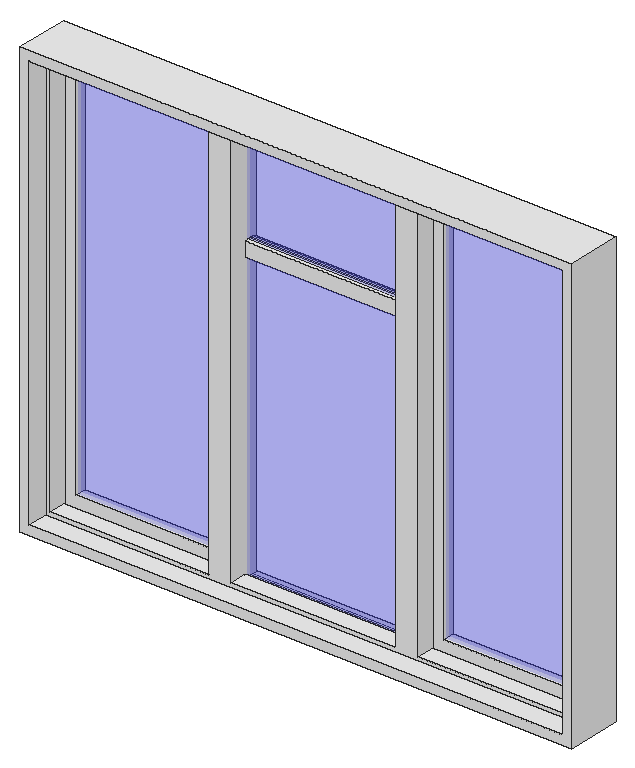
Revit family "a752a9703e48466093d6469102a7f102", category Windows, host Wall, Revit 2021
Family settings
  Host = Wall
  OmniClass Number = 23.30.20.00
  OmniClass Title = Windows
  Always vertical = Yes
  Cut with Voids When Loaded = No
  Shared = No
  Room Calculation Point = No
Parameters (values of type "61" x 48"")
  Window Width = Width / 3  # 1' - 8.33333"
  Window Inset [instance] = 0' - 0 5/8"
  Wall Thickness [instance] = 0' - 6"
  Visual Light Transmittance = 0.81
  Transom Height Ratio = 0.3
  Thermal Resistance (R) = 1.8146 (h·ft²·°F)/BTU
  Solar Heat Gain Coefficient = 0.76
  Rough Width = Width + 0' 0 1/2"  # 5' - 1 1/2"
  Rough Height = Height + 0' 0 1/2"  # 4' - 0 1/2"
  Heat Transfer Coefficient (U) = 0.5511 BTU/(h·ft²·°F)
  Frame Material = Metal - Aluminum
  Height = 4' - 0"
  Glass Panel Material = Glass
  Transom Height = Transom Height Ratio * Height  # 1' - 2.4"
  Frame Gap 3 [instance] = Frame Gap 1 + 0' 0 1/4"  # 0' - 1 83/128"
  Frame Gap 2 [instance] = if(Window Inset > 0' 0 5/8", Window Inset, 0' 0 5/8")  # 0' - 0 5/8"
  Frame Gap 1 = 0' - 1 51/128"
  Fire Rating = "0.5h"
  Default Sill Height = 3' - 0"
  Wall Closure = By host
  Width = 5' - 1"
  Assembly Code = "B2020100"
  Analytic Construction = "Double glazing - domestic"
Types (4): name | Window Width | Rough Width | Rough Height | Height | Transom Height | Width
  (no name) | 1' - 8.33333" | 5' - 1 1/2" | 4' - 0 1/2" | 4' - 0" | 1' - 2.4" | 5' - 1"
  72" x 53" | 2' - 0" | 6' - 0 1/2" | 4' - 5 1/2" | 4' - 5" | 1' - 3.9" | 6' - 0"
  61" x 48" | 1' - 8.33333" | 5' - 1 1/2" | 4' - 0 1/2" | 4' - 0" | 1' - 2.4" | 5' - 1"
  85" x 60" | 2' - 4.33333" | 7' - 1 1/2" | 5' - 0 1/2" | 5' - 0" | 1' - 6" | 7' - 1"
Reference planes (in)
  plane 1 "Center (Front/Back)": y = 0
  plane 2: z = 0
  plane 3 "Center (Left/Right)": x = 0
  plane 4 "Left": x = -30.5
  plane 5 "Right": x = 30.5
  plane 6 "Sill": z = 36
  plane 7 "Head": z = 84
  plane 8 "Exterior": y = 3
  plane 9 "Interior": y = -3
  plane 10 "Glass 1": y = 2.375
  plane 11: y = -0.625
  plane 12: x = -29.5
  plane 13: x = 29.5
  plane 14: y = 1.375
  plane 15: x = -29.10156
  plane 16: x = 29.10156
  plane 17: x = -10.16667
  plane 18: x = 10.16667
  plane 19: x = -11.16667
  plane 20: x = -9.16667
  plane 21: x = 9.16667
  plane 22: x = 11.16667
  plane 23: x = -11.5651
  plane 24: x = -8.76823
  plane 25: x = 8.76823
  plane 26: x = 11.5651
  plane 27: z = 83
  plane 28: z = 37
  plane 29 "Sash Offset": y = 2.625
  plane 30: y = 3
  plane 31: x = -27.85156
  plane 32: x = -12.8151
  plane 33: x = -7.51823
  plane 34: x = 7.51823
  plane 35: x = 12.8151
  plane 36: x = 27.85156
  plane 37: z = 37.39844
  plane 38: z = 82.60156
  plane 39: z = 70.42422
  plane 40 "Glass 2": y = 2.125
  plane 41 "Glass 3": y = 1.875
  plane 42 "Glass 4": y = 1.625
  plane 43 "Middle": z = 60
  plane 44 "Mullion Offset": y = 2.875
  plane 45: z = 69.6
  plane 46: z = 68.77578
Forms (in)
  Sweep 1, solid, material "Metal - Aluminum" <- "Frame Material"
    path origin (0, 0, 0) x (1, 0, 0) y (0, 0, 1)
      loop
        line (-30.5, 36) -> (30.5, 36) -> (30.5, 84) -> (-30.5, 84) -> (-30.5, 36)
    profile origin (-30.5, 0, 60) x (-1, 0, 0) y (0, -1, 0)
      loop
        line (0, -3) -> (0, 3) -> (-1, 3) -> (-1, 0.625) -> (-1.39844, 0.625) -> (-1.39844, -1.375) -> (-1, -1.375) -> (-1, -3) -> (0, -3)
  Extrusion 2, solid, material "Metal - Aluminum" <- "Frame Material"
    sketch origin (0, 0, 36) x (0, -1, 0) y (1, 0, 0)
      loop
        line (-2.875, -11.16667) -> (-1.375, -11.16667) -> (-1.375, -11.5651) -> (0.625, -11.5651) -> (0.625, -9.16667) -> (-2.875, -9.16667) -> (-2.875, -11.16667)
      loop
        line (-2.875, 9.16667) -> (0.625, 9.16667) -> (0.625, 11.5651) -> (-1.375, 11.5651) -> (-1.375, 11.16667) -> (-2.875, 11.16667) -> (-2.875, 9.16667)
    from 1 to 47
  Sweep 3, solid, material "Metal - Aluminum" <- "Frame Material"
    path origin (-18.69568, 2.625, 48) x (-1, 0, 0) y (0, 0, 1)
      loop
        line (-48.19568, -11) -> (-29.86235, -11) -> (-29.86235, 35) -> (-48.19568, 35) -> (-48.19568, -11)
    profile origin (29.5, 2.625, 60) x (1, 0, 0) y (0, 1, 0)
      loop
        line (-1.64844, 0) -> (-1.64844, -1.25) -> (0, -1.25) -> (0, 0) -> (-1.64844, 0)
  Sweep 4, solid, material "Metal - Aluminum" <- "Frame Material"
    path origin (-18.69568, 2.625, 48) x (-1, 0, 0) y (0, 0, 1)
      loop
        line (10.80432, -11) -> (10.80432, 35) -> (-7.52901, 35) -> (-7.52901, -11) -> (10.80432, -11)
    profile origin (-29.5, 2.625, 60) x (1, 0, 0) y (0, 1, 0)
      loop
        line (0, 0) -> (0, -1.25) -> (1.64844, -1.25) -> (1.64844, 0) -> (0, 0)
  Extrusion 5, solid, material "Glass" <- "Glass Panel Material"
    sketch origin (0, 0, 36) x (0, -1, 0) y (1, 0, 0)
      loop
        line (-2.375, -27.85156) -> (-2.125, -27.85156) -> (-2.125, -12.8151) -> (-2.375, -12.8151) -> (-2.375, -27.85156)
      loop
        line (-1.875, -27.85156) -> (-1.625, -27.85156) -> (-1.625, -12.8151) -> (-1.875, -12.8151) -> (-1.875, -27.85156)
      loop
        line (-2.375, 12.8151) -> (-2.125, 12.8151) -> (-2.125, 27.85156) -> (-2.375, 27.85156) -> (-2.375, 12.8151)
      loop
        line (-1.875, 12.8151) -> (-1.625, 12.8151) -> (-1.625, 27.85156) -> (-1.875, 27.85156) -> (-1.875, 12.8151)
    from 1.39844 to 46.60156
  Extrusion 6, solid, material "Metal - Aluminum" <- "Frame Material"
    sketch origin (-7.51823, 7.34112, 48) x (0, 1, 0) y (0, 0, 1)
      loop
        line (-4.71612, 22.42422) -> (-5.96612, 22.42422) -> (-5.96612, 20.77578) -> (-4.71612, 20.77578) -> (-4.71612, 22.42422)
    from -1.64844 to 16.6849
  Extrusion 7, solid, material "Glass" <- "Glass Panel Material"
    sketch origin (0, 0, 36) x (0, -1, 0) y (1, 0, 0)
      loop
        line (-2.375, -9.16667) -> (-2.125, -9.16667) -> (-2.125, 9.16667) -> (-2.375, 9.16667) -> (-2.375, -9.16667)
      loop
        line (-1.875, -9.16667) -> (-1.625, -9.16667) -> (-1.625, 9.16667) -> (-1.875, 9.16667) -> (-1.875, -9.16667)
    from 1 to 32.77578
  Extrusion 8, solid, material "Glass" <- "Glass Panel Material"
    sketch origin (0, 0, 36) x (0, -1, 0) y (1, 0, 0)
      loop
        line (-2.375, -9.16667) -> (-2.125, -9.16667) -> (-2.125, 9.16667) -> (-2.375, 9.16667) -> (-2.375, -9.16667)
      loop
        line (-1.875, -9.16667) -> (-1.625, -9.16667) -> (-1.625, 9.16667) -> (-1.875, 9.16667) -> (-1.875, -9.16667)
    from 34.42422 to 47
Cuts and joins
  joined: Sweep 1, Extrusion 2
Lines and regions (in)
  Opening 1
    outline origin (-60, -3, 0) x (1, 0, 0) y (0, 0, 1)
      loop
        line (29.5, 84) -> (29.5, 36) -> (90.5, 36) -> (90.5, 84) -> (29.5, 84)
  symbolic lines, style "Elevation Swing"
    curve 1: line (11.16667, 2.625, 83) -> (29.5, 2.625, 60)
    curve 2: line (29.5, 2.625, 60) -> (11.16667, 2.625, 37)
    curve 3: line (-11.16667, 2.625, 83) -> (-29.5, 2.625, 60)
    curve 4: line (-29.5, 2.625, 60) -> (-11.16667, 2.625, 37)
Text (in)
  text "EXTERIOR" at (-58.6888, 50.90694, 0), in view "Ref. Level"
  text "INTERIOR" at (-58.6888, -37.76638, 0), in view "Ref. Level"
  text "Exterior" at (0, 43.65631, 123.19604), in view "Left"
  text "Exterior" at (0, 18.29385, 125.04747), in view "Right"
Dimensions and locks (in)
  equal spacing: plane 4 "Left", plane 3 "Center (Left/Right)", plane 5 "Right"
  "Width": plane 4 "Left" to plane 5 "Right"
  "Height": plane 6 "Sill" to plane 7 "Head"
  "Default Sill Height": plane 2 to plane 6 "Sill"
  "Window Inset": plane 8 "Exterior" to plane 10 "Glass 1"
  locked: plane 4 "Left" to plane 12 at 1
  locked: plane 13 to plane 5 "Right" at 1
  "Frame Gap 1": plane 4 "Left" to plane 15
  "Frame Gap 1": plane 16 to plane 5 "Right"
  locked: plane 14 to plane 11 at 2
  equal spacing: plane 4 "Left", plane 17, plane 18, plane 5 "Right"
  locked: plane 19 to plane 17 at 1
  locked: plane 17 to plane 20 at 1
  locked: plane 21 to plane 18 at 1
  locked: plane 18 to plane 22 at 1
  "Frame Gap 1": plane 23 to plane 17
  "Frame Gap 1": plane 17 to plane 24
  "Frame Gap 1": plane 25 to plane 18
  "Frame Gap 1": plane 18 to plane 26
  locked: plane 7 "Head" to plane 27 at 1
  locked: plane 28 to plane 6 "Sill" at 1
  "Frame Gap 2": plane 30 to plane 10 "Glass 1"
  "Frame Gap 3": plane 12 to plane 31
  "Frame Gap 3": plane 32 to plane 19
  "Frame Gap 3": plane 20 to plane 33
  "Frame Gap 3": plane 34 to plane 21
  "Frame Gap 3": plane 22 to plane 35
  "Frame Gap 3": plane 36 to plane 13
  "Frame Gap 1": plane 6 "Sill" to plane 37
  "Frame Gap 1": plane 38 to plane 7 "Head"
  locked: plane 10 "Glass 1" to plane 40 "Glass 2" at 0.25
  locked: plane 40 "Glass 2" to plane 41 "Glass 3" at 0.25
  locked: plane 41 "Glass 3" to plane 42 "Glass 4" at 0.25
  equal spacing: plane 6 "Sill", plane 43 "Middle", plane 7 "Head"
  locked: plane 10 "Glass 1" to plane 14 at 1
  locked: plane 29 "Sash Offset" to plane 10 "Glass 1" at 0.25
  locked: plane 44 "Mullion Offset" to plane 29 "Sash Offset" at 0.25
  equal spacing: plane 25, Extrusion 8 sketch curve, plane 18
  "Wall Thickness": host wall to host wall
  "Frame Gap 3": plane 46 to plane 39
  equal spacing: plane 46, plane 45, plane 39
  "Transom Height": plane 45 to plane 7 "Head"
  aligned and locked: plane 7 "Head" to Opening 1 sketch curve
  aligned and locked: plane 6 "Sill" to Opening 1 sketch curve  (x2)
  aligned and locked: plane 5 "Right" to Opening 1 sketch curve
  aligned and locked: plane 4 "Left" to Opening 1 sketch curve
  aligned and locked: level to plane 2
  aligned and locked: host wall to plane 8 "Exterior"
  aligned and locked: plane 9 "Interior" to host wall
  aligned and locked: Sweep 1 sketch curve to plane 4 "Left"  (x2)
  aligned and locked: plane 7 "Head" to Sweep 1 sketch curve  (x2)
  aligned and locked: plane 5 "Right" to Sweep 1 sketch curve  (x2)
  aligned and locked: plane 6 "Sill" to Sweep 1 sketch curve  (x2)
  aligned and locked: plane 4 "Left" to Sweep 1 sketch curve  (x2)
  aligned and locked: Sweep 1 sketch curve to plane 14
  aligned and locked: Sweep 1 sketch curve to plane 15
  aligned and locked: plane 9 "Interior" to Sweep 1 sketch curve  (x2)
  aligned and locked: plane 12 to Sweep 1 sketch curve  (x2)
  aligned and locked: plane 14 to Sweep 1 sketch curve
  aligned and locked: Extrusion 2 sketch curve to plane 19
  aligned and locked: Extrusion 2 sketch curve to plane 21
  aligned and locked: plane 30 to Sweep 1 sketch curve  (x2)
  aligned and locked: Sweep 4 sketch curve to plane 27
  aligned and locked: Sweep 4 sketch curve to plane 19
  aligned and locked: plane 28 to Sweep 4 sketch curve  (x2)
  aligned and locked: plane 12 to Sweep 4 sketch curve  (x2)
  aligned and locked: plane 19 to Sweep 4 sketch curve
  aligned and locked: plane 27 to Sweep 4 sketch curve
  aligned and locked: Sweep 4 sketch curve to profile plane  (x2)
  aligned and locked: plane 14 to Sweep 4 sketch curve
  aligned and locked: Sweep 4 sketch curve to plane 31
  aligned and locked: plane 28 to Sweep 3 sketch curve  (x2)
  aligned and locked: plane 13 to Sweep 3 sketch curve  (x2)
  aligned and locked: plane 22 to Sweep 3 sketch curve  (x2)
  aligned and locked: plane 27 to Sweep 3 sketch curve  (x2)
  aligned and locked: Sweep 3 sketch curve to profile plane
  aligned and locked: plane 36 to Sweep 3 sketch curve
  aligned and locked: Sweep 3 sketch curve to Sweep 1
  aligned and locked: Sweep 1 to Sweep 3 sketch curve
  aligned and locked: plane 38 to Extrusion 5
  aligned and locked: Extrusion 5 to plane 37
  aligned and locked: plane 29 "Sash Offset" to Extrusion 6 sketch curve
  aligned and locked: Extrusion 6 sketch curve to plane 14
  aligned and locked: plane 10 "Glass 1" to Extrusion 5 sketch curve  (x2)
  aligned and locked: Extrusion 5 sketch curve to plane 31
  aligned and locked: Extrusion 5 sketch curve to plane 40 "Glass 2"  (x2)
  aligned and locked: plane 32 to Extrusion 5 sketch curve  (x2)
  aligned and locked: Extrusion 5 sketch curve to plane 41 "Glass 3"
  aligned and locked: Extrusion 5 sketch curve to plane 42 "Glass 4"  (x2)
  aligned and locked: Extrusion 5 sketch curve to plane 35  (x2)
  aligned and locked: plane 36 to Extrusion 5 sketch curve  (x2)
  aligned and locked: plane 41 "Glass 3" to Extrusion 5 sketch curve
  aligned and locked: Extrusion 8 to plane 39
  aligned and locked: plane 27 to curve 1
  aligned and locked: plane 22 to curve 1
  aligned and locked: plane 13 to curve 2
  aligned and locked: plane 43 "Middle" to curve 1
  aligned and locked: plane 22 to curve 2
  aligned and locked: plane 28 to curve 2
  aligned and locked: plane 28 to curve 4
  aligned and locked: plane 19 to curve 4
  aligned and locked: plane 43 "Middle" to curve 4
  aligned and locked: plane 12 to curve 4
  aligned and locked: plane 19 to curve 3
  aligned and locked: plane 27 to curve 3
  aligned and locked: plane 39 to Extrusion 6
  aligned and locked: Extrusion 7 to Extrusion 6
  aligned and locked: plane 10 "Glass 1" to Extrusion 7 sketch curve
  aligned and locked: Extrusion 7 sketch curve to plane 20  (x2)
  aligned and locked: Extrusion 7 sketch curve to plane 40 "Glass 2"
  aligned and locked: plane 41 "Glass 3" to Extrusion 7 sketch curve
  aligned and locked: Extrusion 7 sketch curve to plane 42 "Glass 4"
  aligned and locked: plane 21 to Extrusion 7 sketch curve
  aligned and locked: plane 10 "Glass 1" to Extrusion 8 sketch curve
  aligned and locked: Extrusion 8 sketch curve to plane 20  (x2)
  aligned and locked: Extrusion 8 sketch curve to plane 40 "Glass 2"
  aligned and locked: plane 41 "Glass 3" to Extrusion 8 sketch curve
  aligned and locked: Extrusion 8 sketch curve to plane 42 "Glass 4"
  aligned and locked: plane 21 to Extrusion 8 sketch curve
  aligned and locked: plane 21 to Extrusion 6
  aligned and locked: Extrusion 6 to plane 20
  aligned and locked: Extrusion 2 sketch curve to plane 23
  aligned and locked: plane 20 to Extrusion 2 sketch curve  (x2)
  aligned and locked: plane 23 to Extrusion 2 sketch curve
  aligned and locked: plane 14 to Extrusion 2 sketch curve  (x3)
  aligned and locked: plane 44 "Mullion Offset" to Extrusion 2 sketch curve  (x4)
  aligned and locked: plane 19 to Extrusion 2 sketch curve
  aligned and locked: plane 26 to Extrusion 2 sketch curve  (x2)
  aligned and locked: plane 21 to Extrusion 2 sketch curve
  aligned and locked: plane 22 to Extrusion 2 sketch curve
  aligned and locked: Extrusion 7 to plane 28
  aligned and locked: plane 27 to Extrusion 8
  aligned and locked: nested 1 to plane 8 "Exterior"
  aligned and locked: plane 17 to nested 1
  aligned and locked: plane 18 to nested 1
  aligned and locked: nested 2 to plane 4 "Left"
  aligned and locked: nested 2 to plane 8 "Exterior"
  aligned and locked: nested 3 to plane 5 "Right"
  aligned and locked: nested 3 to plane 8 "Exterior"
  aligned and locked: nested 1 to plane 7 "Head"
  aligned and locked: nested 2 to plane 7 "Head"
  aligned and locked: nested 3 to plane 7 "Head"
  aligned and locked: cut or joined group of Sweep 1, Extrusion 2 to plane 11
  aligned and locked: Extrusion 2 sketch curve to plane 11
  aligned and locked: Sweep 1 sketch curve to plane 11
  aligned and locked: Extrusion 6 sketch curve to plane 39
  aligned and locked: plane 46 to Extrusion 6 sketch curve
Automatic sketch dimensions
  Extrusion 5 sketch curve to plane 31 = 0' - 0"
  Extrusion 8 sketch curve to plane 21 = 0' - 0"
  Extrusion 7 sketch curve to plane 21 = 0' - 0"
  host wall to Extrusion 2 sketch curve = 0' - 0 5/8"
Nested families (in)
  nested 1: "Plan-Fixed_Simple" at (0, 3, 36), Window Inset <- "Window Inset", Width <- "Window Width", Height <- "Height", Wall Thickness <- "Wall Thickness", type "Plan-Fixed_Simple"
    with Window Inset of 3D 0' - 0 1/8", Window Inset 0' - 0 5/8", Width 1' - 8.33333", Wall Thickness 0' - 6", Top Line yes, Right Line no, Left Line no, Height 4' - 0", Bottom Line yes
  nested 2: "Plan-Casement" at (-20.33333, 3, 36), Window Inset <- "Window Inset", Width <- "Window Width", Height <- "Height", Wall Thickness <- "Wall Thickness", type "Plan-Casement"
    with Window Inset of 3D 0' - 0 1/8", Window Inset 0' - 0 5/8", Width 1' - 8.33333", Wall Thickness 0' - 6", Top Line yes, Right Line no, RH no, Left Line yes, LH yes, Height 4' - 0", Bottom Line yes
  nested 3: "Plan-Casement" at (20.33333, 3, 36), Window Inset <- "Window Inset", Width <- "Window Width", Height <- "Height", Wall Thickness <- "Wall Thickness", type "Plan-Casement"
    with Window Inset of 3D 0' - 0 1/8", Window Inset 0' - 0 5/8", Width 1' - 8.33333", Wall Thickness 0' - 6", Top Line yes, Right Line yes, RH yes, Left Line no, LH no, Height 4' - 0", Bottom Line yes
Definition of nested family "Plan-Fixed_Simple"
  Parameters (values of type "Plan-Fixed_Simple")
    Window Inset [instance] = 0' - 1"
    Window Inset of 3D [instance] = if(Window Inset - 0' 0 1/2" < 0' 0", 0' 0", if(Window Inset - 0' 0 1/2" < Wall Thickness - 0' 3 1/2", Window Inset - 0' 0 1/2", Wall Thickness - 0' 3 1/2"))  # 0' - 0 1/2"
    Width [instance] = 4' - 0"
    Wall Thickness [instance] = 0' - 6"
    Top Line [instance] = yes
    Right Line [instance] = yes
    Left Line [instance] = yes
    Height [instance] = 3' - 0"
    Default Elevation = 4' - 0"
    Bottom Line [instance] = yes
    Analytic Construction = "<None>"
  Reference planes (in)
    plane 1 "Center (Front/Back)": y = 0
    plane 2: z = 0
    plane 3 "Center (Left/Right)": x = 0
    plane 4: x = -24
    plane 5: x = 24
    plane 6 "Jamb": y = -4
    plane 7: x = -23.5
    plane 8: y = -0.5
    plane 9: y = -2.25
    plane 10: y = -1.375
    plane 11: x = 23.5
    plane 12 "Window Inset": y = -1
    plane 13 "Wall": y = -6
    plane 14: z = 36
    plane 15: z = 35.5
    plane 16: z = 0.5
    plane 17: z = 34.75
    plane 18: z = 1.25
    plane 19: z = 33.25
    plane 20: z = 2.75
  Lines and regions (in)
    Masking region 1
      outline origin (0, 0.75, 0) x (1, 0, 0) y (0, 1, 0)
        loop
          line (-24, -0.75) -> (-24, -6.75) -> (24, -6.75) -> (24, -0.75) -> (-24, -0.75)
    Masking region 2
      outline origin (0, 0, 0) x (0, 1, 0) y (0, 0, 1)
        loop
          line (-6, 0) -> (0, 0) -> (0, 36) -> (-6, 36) -> (-6, 0)
    symbolic lines
      curve 1: line (-23.5, -0.5, 0) -> (-23.5, -4, 0)
      curve 2: line (-23.5, -1.375, 0) -> (23.5, -1.375, 0)
      curve 3: line (23.5, -0.5, 0) -> (23.5, -4, 0)
      curve 4: line (-24, -4, 0) -> (-23.5, -4, 0)
      curve 5: line (23.5, -4, 0) -> (24, -4, 0)
      curve 6: line (23.5, -4, 0) -> (-23.5, -4, 0)
      curve 7: line (0, -0.5, 35.5) -> (0, -4, 35.5)
      curve 8: line (0, -4, 0.5) -> (0, -4, 35.5)
      curve 9: line (0, -0.5, 0.5) -> (0, -4, 0.5)
      curve 10: line (0, -0.5, 36) -> (0, -0.5, 35.5)
      curve 11: line (0, -1.375, 0.5) -> (0, -1.375, 35.5)
      curve 12: line (23.5, -0.5, 0) -> (24, -0.5, 0)
      curve 13: line (-23.5, -0.5, 0) -> (-24, -0.5, 0)
      curve 14: line (0, -0.5, 0.5) -> (0, -0.5, 0)
      curve 15: line (-23.5, -0.5, 0) -> (23.5, -0.5, 0)
      curve 16: line (0, -0.5, 0.5) -> (0, -0.5, 35.5)
      curve 17: line (0, -4, 0.5) -> (0, -4, 0)
      curve 18: line (0, -4, 35.5) -> (0, -4, 36)
    symbolic lines, visible <- "Left Line"
      curve 19: line (-24, 0, 0) -> (-24, -6, 0)
    symbolic lines, visible <- "Right Line"
      curve 20: line (24, 0, 0) -> (24, -6, 0)
    symbolic lines, visible <- "Top Line"
      curve 21: line (0, 0, 36) -> (0, -6, 36)
    symbolic lines, visible <- "Bottom Line"
      curve 22: line (0, 0, 0) -> (0, -6, 0)
  Dimensions and locks (in)
    "Width": plane 4 to plane 5
    equal spacing: plane 4, plane 3 "Center (Left/Right)", plane 5
    locked: plane 4 to plane 7 at 0.5
    equal spacing: plane 8, plane 10, plane 9
    locked: plane 5 to plane 11 at 0.5
    locked: plane 8 to plane 12 "Window Inset" at 0.5
    locked: plane 8 to plane 9 at 1.75
    "Wall Thickness": plane 13 "Wall" to plane 1 "Center (Front/Back)"
    "Height": plane 14 to plane 2
    locked: plane 14 to plane 15 at 0.5
    locked: plane 16 to plane 2 at 0.5
    locked: plane 15 to plane 17 at 0.75
    locked: plane 18 to plane 16 at 0.75
    locked: plane 15 to plane 19 at 2.25
    locked: plane 20 to plane 16 at 2.25
    locked: plane 9 to plane 6 "Jamb" at 1.75
    "Window Inset of 3D": plane 8 to plane 1 "Center (Front/Back)"
    aligned and locked: plane 2 to level
    aligned and locked: Masking region 1 sketch curve to plane 13 "Wall"
    aligned and locked: curve 4 to plane 6 "Jamb"
    aligned and locked: curve 5 to plane 6 "Jamb"
    aligned and locked: plane 1 "Center (Front/Back)" to Masking region 1 sketch curve  (x2)
    aligned and locked: plane 13 "Wall" to Masking region 2 sketch curve  (x2)
    aligned and locked: plane 6 "Jamb" to curve 8
    aligned and locked: plane 15 to curve 7
    aligned and locked: plane 16 to curve 9
    aligned and locked: curve 10 to plane 8
    aligned and locked: plane 10 to curve 11
    aligned and locked: plane 5 to curve 12
    aligned and locked: plane 14 to curve 10
    aligned and locked: plane 8 to curve 7
    aligned and locked: plane 4 to curve 13
    aligned and locked: plane 8 to curve 14
    aligned and locked: plane 2 to curve 14
    aligned and locked: curve 1 to plane 7
    aligned and locked: plane 11 to curve 3
    aligned and locked: curve 15 to plane 8
    aligned and locked: curve 18 to plane 6 "Jamb"
    aligned and locked: plane 4 to Masking region 1 sketch curve
    aligned and locked: Masking region 1 sketch curve to plane 5
    aligned and locked: plane 14 to Masking region 2 sketch curve
    aligned and locked: Masking region 2 sketch curve to plane 2
    aligned and locked: plane 13 "Wall" to Masking region 1 sketch curve
    aligned and locked: plane 1 "Center (Front/Back)" to curve 19
    aligned and locked: plane 13 "Wall" to curve 19
    aligned and locked: curve 19 to plane 4
    aligned and locked: plane 1 "Center (Front/Back)" to curve 20
    aligned and locked: plane 13 "Wall" to curve 20
    aligned and locked: curve 20 to plane 5
    aligned and locked: plane 1 "Center (Front/Back)" to Masking region 2 sketch curve
    aligned and locked: plane 1 "Center (Front/Back)" to curve 21
    aligned and locked: plane 13 "Wall" to curve 21
    aligned and locked: curve 21 to plane 14
    aligned and locked: plane 1 "Center (Front/Back)" to curve 22
    aligned and locked: plane 13 "Wall" to curve 22
    aligned and locked: curve 22 to plane 2
  Automatic sketch dimensions
    curve 2 to plane 10 = 0' - 0"
Definition of nested family "Plan-Casement"
  Parameters (values of type "Plan-Casement")
    Window Inset [instance] = 0' - 1"
    Window Inset of 3D [instance] = if(Window Inset - 0' 0 1/2" < 0' 0", 0' 0", if(Window Inset - 0' 0 1/2" < Wall Thickness - 0' 3 1/2", Window Inset - 0' 0 1/2", Wall Thickness - 0' 3 1/2"))  # 0' - 0 1/2"
    Width [instance] = 4' - 0"
    Wall Thickness [instance] = 0' - 6"
    Top Line [instance] = yes
    Right Line [instance] = yes
    RH [instance] = yes
    Left Line [instance] = yes
    LH [instance] = yes
    Height [instance] = 3' - 0"
    Default Elevation = 4' - 0"
    Bottom Line [instance] = yes
    Analytic Construction = "<None>"
  Reference planes (in)
    plane 1 "Center (Front/Back)": y = 0
    plane 2: z = 0
    plane 3 "Center (Left/Right)": x = 0
    plane 4: x = -24
    plane 5: x = 24
    plane 6 "Jamb": y = -4
    plane 7: x = -23.5
    plane 8: x = -22.75
    plane 9: y = -0.5
    plane 10: y = -2.25
    plane 11: y = -1.375
    plane 12: x = -21.25
    plane 13: x = 23.5
    plane 14: x = 22.75
    plane 15: x = 21.25
    plane 16 "Window Inset": y = -1
    plane 17 "Wall": y = -6
    plane 18: z = 36
    plane 19: z = 35.5
    plane 20: z = 0.5
    plane 21: z = 34.75
    plane 22: z = 1.25
    plane 23: z = 33.25
    plane 24: z = 2.75
  Lines and regions (in)
    Masking region 1
      outline origin (0, 0.75, 0) x (1, 0, 0) y (0, 1, 0)
        loop
          line (-24, -0.75) -> (-24, -6.75) -> (24, -6.75) -> (24, -0.75) -> (-24, -0.75)
    Masking region 2
      outline origin (0, 0, 0) x (0, 1, 0) y (0, 0, 1)
        loop
          line (0, 36) -> (-6, 36) -> (-6, 0) -> (0, 0) -> (0, 36)
    symbolic lines
      curve 1: line (-23.5, -2.25, 0) -> (-22.75, -2.25, 0)
      curve 2: line (-22.75, -2.25, 0) -> (-22.75, -4, 0)
      curve 3: line (-23.5, -0.5, 0) -> (-23.5, -2.25, 0)
      curve 4: line (-21.25, -0.5, 0) -> (-21.25, -2.25, 0)
      curve 5: line (-21.25, -2.25, 0) -> (-22.75, -2.25, 0)
      curve 6: line (-21.25, -1.375, 0) -> (21.25, -1.375, 0)
      curve 7: line (23.5, -2.25, 0) -> (22.75, -2.25, 0)
      curve 8: line (22.75, -2.25, 0) -> (22.75, -4, 0)
      curve 9: line (23.5, -0.5, 0) -> (23.5, -2.25, 0)
      curve 10: line (21.25, -0.5, 0) -> (21.25, -2.25, 0)
      curve 11: line (21.25, -2.25, 0) -> (22.75, -2.25, 0)
      curve 14: line (-24, -4, 0) -> (-22.75, -4, 0)
      curve 15: line (22.75, -4, 0) -> (24, -4, 0)
      curve 16: line (22.75, -4, 0) -> (-22.75, -4, 0)
      curve 17: line (0, -0.5, 35.5) -> (0, -2.25, 35.5)
      curve 18: line (0, -2.25, 34.75) -> (0, -4, 34.75)
      curve 19: line (0, -0.5, 0.5) -> (0, -2.25, 0.5)
      curve 20: line (0, -2.25, 0.5) -> (0, -2.25, 2.75)
      curve 21: line (0, -2.25, 1.25) -> (0, -4, 1.25)
      curve 22: line (0, -0.5, 36) -> (0, -0.5, 33.25)
      curve 23: line (0, -0.5, 33.25) -> (0, -2.25, 33.25)
      curve 24: line (0, -2.25, 2.75) -> (0, -0.5, 2.75)
      curve 25: line (0, -1.375, 2.75) -> (0, -1.375, 33.25)
      curve 28: line (0, -2.25, 35.5) -> (0, -2.25, 33.25)
      curve 29: line (21.25, -0.5, 0) -> (24, -0.5, 0)
      curve 30: line (-21.25, -0.5, 0) -> (-24, -0.5, 0)
      curve 31: line (0, -0.5, 2.75) -> (0, -0.5, 0)
      curve 32: line (-21.25, -0.5, 0) -> (21.25, -0.5, 0)
      curve 33: line (0, -0.5, 33.25) -> (0, -0.5, 2.75)
      curve 38: line (0, -4, 1.25) -> (0, -4, 34.75)
      curve 39: line (0, -4, 1.25) -> (0, -4, 0)
      curve 40: line (0, -4, 36) -> (0, -4, 34.75)
    symbolic lines, visible <- "RH"
      curve 12: arc (-23.5, -0.5, 0) -> (-19.92234, 17.48612, 0) -> (-9.73402, 32.73402, 0) r 47
      curve 26: line (23.5, -0.5, 0) -> (-9.73402, 32.73402, 0)
    symbolic lines, visible <- "LH"
      curve 13: line (-23.5, -0.5, 0) -> (9.73402, 32.73402, 0)
      curve 27: arc (23.5, -0.5, 0) -> (19.92234, 17.48612, 0) -> (9.73402, 32.73402, 0) r 47
    symbolic lines, visible <- "Right Line"
      curve 34: line (24, 0, 0) -> (24, -6, 0)
    symbolic lines, visible <- "Left Line"
      curve 35: line (-24, 0, 0) -> (-24, -6, 0)
    symbolic lines, visible <- "Top Line"
      curve 36: line (0, 0, 36) -> (0, -6, 36)
    symbolic lines, visible <- "Bottom Line"
      curve 37: line (0, 0, 0) -> (0, -6, 0)
  Dimensions and locks (in)
    "Width": plane 4 to plane 5
    equal spacing: plane 4, plane 3 "Center (Left/Right)", plane 5
    plane 4 to plane 7 to plane 8 = 0' - 0 1/2" locked, 0' - 0 3/4" locked
    equal spacing: plane 9, plane 11, plane 10
    locked: plane 7 to plane 12 at 2.25
    plane 5 to plane 13 to plane 14 = 0' - 0 1/2" locked, 0' - 0 3/4" locked
    locked: plane 13 to plane 15 at 2.25
    locked: plane 9 to plane 16 "Window Inset" at 0.5
    locked: plane 9 to plane 10 at 1.75
    "Wall Thickness": plane 17 "Wall" to plane 1 "Center (Front/Back)"
    "Height": plane 18 to plane 2
    locked: plane 18 to plane 19 at 0.5
    locked: plane 20 to plane 2 at 0.5
    locked: plane 19 to plane 21 at 0.75
    locked: plane 22 to plane 20 at 0.75
    locked: plane 19 to plane 23 at 2.25
    locked: plane 24 to plane 20 at 2.25
    locked: plane 10 to plane 6 "Jamb" at 1.75
    "Window Inset of 3D": plane 9 to plane 1 "Center (Front/Back)"
    locked: plane 9 to curve 13 (angle 45.00°)
    angle curve 26 to plane 16 "Window Inset" = 45.00°
    aligned and locked: plane 2 to level
    aligned and locked: curve 2 to plane 8
    aligned and locked: curve 1 to plane 10
    aligned and locked: plane 14 to curve 8
    aligned and locked: curve 14 to plane 6 "Jamb"
    aligned and locked: curve 15 to plane 6 "Jamb"
    aligned and locked: plane 21 to curve 18
    aligned and locked: plane 19 to curve 17
    aligned and locked: plane 22 to curve 21
    aligned and locked: plane 10 to curve 20
    aligned and locked: plane 20 to curve 19
    aligned and locked: curve 22 to plane 9
    aligned and locked: plane 23 to curve 23
    aligned and locked: curve 24 to plane 24
    aligned and locked: plane 11 to curve 25
    aligned and locked: plane 13 to curve 27
    aligned and locked: plane 9 to curve 13
    aligned and locked: plane 9 to curve 26
    aligned and locked: plane 5 to curve 29
    aligned and locked: plane 18 to curve 22
    aligned and locked: plane 9 to curve 17
    aligned and locked: plane 9 to curve 19
    aligned and locked: plane 9 to curve 3
    aligned and locked: plane 9 to curve 9
    aligned and locked: curve 28 to plane 10
    aligned and locked: plane 19 to curve 28
    aligned and locked: plane 23 to curve 28
    aligned and locked: plane 4 to curve 30
    aligned and locked: plane 9 to curve 31
    aligned and locked: plane 2 to curve 31
    aligned and locked: curve 32 to plane 9
    aligned and locked: plane 12 to curve 32
    aligned and locked: plane 15 to curve 32
    aligned and locked: plane 24 to curve 33
    aligned and locked: plane 1 "Center (Front/Back)" to curve 34
    aligned and locked: plane 17 "Wall" to curve 34
    aligned and locked: curve 34 to plane 5
    aligned and locked: plane 17 "Wall" to curve 35
    aligned and locked: plane 1 "Center (Front/Back)" to curve 35
    aligned and locked: curve 35 to plane 4
    aligned and locked: plane 17 "Wall" to curve 37
    aligned and locked: plane 1 "Center (Front/Back)" to curve 37
    aligned and locked: curve 37 to plane 2
    aligned and locked: plane 17 "Wall" to curve 36
    aligned and locked: plane 1 "Center (Front/Back)" to curve 36
    aligned and locked: curve 36 to plane 18
    aligned and locked: plane 1 "Center (Front/Back)" to Masking region 1 sketch curve
    aligned and locked: plane 17 "Wall" to Masking region 1 sketch curve
    aligned and locked: plane 4 to Masking region 1 sketch curve
    aligned and locked: Masking region 1 sketch curve to plane 5
    aligned and locked: plane 2 to Masking region 2 sketch curve
    aligned and locked: Masking region 2 sketch curve to plane 18
    aligned and locked: plane 1 "Center (Front/Back)" to Masking region 2 sketch curve
    aligned and locked: plane 17 "Wall" to Masking region 2 sketch curve
    aligned and locked: plane 6 "Jamb" to curve 21
    aligned and locked: plane 6 "Jamb" to curve 18
    aligned and locked: plane 10 to curve 18
    aligned and locked: plane 10 to curve 21
    aligned and locked: plane 22 to curve 39
    aligned and locked: plane 21 to curve 40
    aligned and locked: plane 6 "Jamb" to curve 40
  Automatic sketch dimensions
    curve 3 to plane 7 = 0' - 0"
    curve 27 to plane 7 = 0' - 0"
    curve 12 to plane 13 = 0' - 0"
    curve 7 to plane 10 = 0' - 0"
    curve 6 to plane 11 = 0' - 0"
